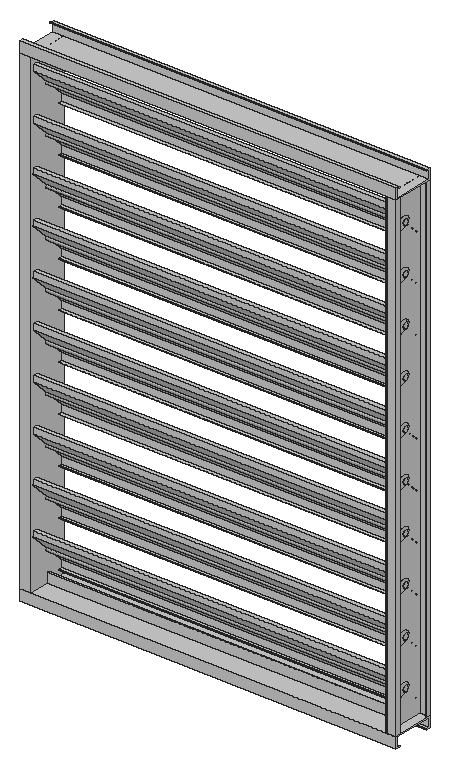
Revit family
Parameters (values of type "SOJ-445")
  Width Control = if(Width < Min Width, Min Width, if(Width > Max Width, Max Width, Width))  # 3' - 0"
  Width = 3' - 0"
  Warranty = "http://www.alllite-louvers.com/All-Lite_Warranty.pdf"
  Velocity @ .15 in. wg Pressure Loss = "811 fpm"  # constant formula
  URL = "http://www.alllite-louvers.com/"
  Specifications = "http://www.alllite-louvers.com/catalog/ASOJ-445-csi-specification.doc"
  Product URL = "http://www.alllite-louvers.com/catalog.php?model=SOJ-445"
  Pressure Loss @ Beginning Point of Water Penetration = "0.14 in. wg."  # constant formula
  Omni Class Title = "Exterior Louvers & Vents"  # constant formula
  Omni Class Code = "23-60 11 17"  # constant formula
  Mullion = "Visible"  # constant formula
  Maximum Size - Multiple Sections = "Unlimited"  # constant formula
  Linkage = "Concealed in frame"  # constant formula
  Free Area Velocity @ Beginning Point of Water Penetration = "775 fpm"  # constant formula
  Free Area = "[48'' x 48'' unit] : 7.5 ft² 46.9%"  # constant formula
  Design Load = "30 psf"  # constant formula
  Screen = "1/2'' x .063'' expanded and flattened aluminum"  # constant formula
  Model = "SOJ-445"  # constant formula
  Minimum Size = "12'' x 12''"  # constant formula
  Min Width = 1' - 0"  # constant formula
  Min Height = 1' - 0"  # constant formula
  Maximum Size - Single Section = "36'' x 120''"  # constant formula
  Max Width = 3' - 0"  # constant formula
  Max Height = 10' - 0"  # constant formula
  Manufacturer = "All-Lite"  # constant formula
  Louver Count = (Height Control - 0' 4") / 0' 4 5/8"  # 10
  Louver = Galvannealed Steel
  Height Control = if(Height < Min Height, Min Height, if(Height > Max Height, Max Height, Height))  # 4' - 0"
  Height = 4' - 0"
  Frame = "4'' deep x 20 ga thick channel"  # constant formula
  Default Height = 4' - 0"
  Cut Sheet = "http://www.alllite-louvers.com/catalog/ASOJ445.pdf"
  Blades = "45° x 20 ga thick J-style blade"  # constant formula
  Blade Width = Width Control - 0' 2"  # 2' - 10"
  Blade Height = Height Control - 0' 8 5/16" + 0' 0 235/256"  # 3' - 4 155/256"
  Bearings = "Stainless steel oilite, sleeve type"  # constant formula
  Axles = "1/2'' diameter plated steel hex"  # constant formula
  Assembly Code = "B2010300"
  Air Volume Delivered @ Beginning Point of Water Penetration = "5,813 cfm"  # constant formula
  95 CSI = "10200"  # constant formula
  04 CSI = "08 91 00"  # constant formula
Reference planes (in)
  plane 1: y = 0
  plane 2 "Center (Left/Right)": x = 0
  plane 3 "Wall Edge": y = 6
  plane 4: z = 48
  plane 5: x = 18
  plane 6: x = -18
  plane 7: z = 96
  plane 8 "blade": y = 4
  plane 9 "blade start": z = 49.25
  plane 10: z = 94.75
  plane 11: z = 52
  plane 12: z = 92
Forms (in)
  Sweep 1, solid, material "Galvannealed Steel" <- "Louver"
    path origin (0, 6, 96) x (1, 0, 0) y (0, 0, -1)
      loop
        line (18, 48) -> (-18, 48)
    profile "Frame Profile : 4"" origin (0, 6, 48) x (0, 0, -1) y (0, -1, 0)
      loop
        line (-1, 4) -> (-1, 0) -> (0, 0) -> (0, 0.375) -> (-0.08203, 0.375) -> (-0.08203, 0.08203) -> (-0.91797, 0.08203) -> (-0.91797, 3.91797) -> (-0.08203, 3.91797) -> (-0.08203, 3.625) -> (0, 3.625) -> (0, 4) -> (-1, 4)
  Sweep 2, solid, material "Galvannealed Steel" <- "Louver"
    path origin (0, 6, 0) x (1, 0, 0) y (0, 0, 1)
      loop
        line (-18, 96) -> (18, 96)
    profile "Frame Profile : 4"" origin (0, 6, 96) x (0, 0, 1) y (0, -1, 0)
      loop
        line (-1, 4) -> (-1, 0) -> (0, 0) -> (0, 0.375) -> (-0.08203, 0.375) -> (-0.08203, 0.08203) -> (-0.91797, 0.08203) -> (-0.91797, 3.91797) -> (-0.08203, 3.91797) -> (-0.08203, 3.625) -> (0, 3.625) -> (0, 4) -> (-1, 4)
  Sweep 3, solid, material "Galvannealed Steel" <- "Louver"
    path origin (0, 6, 0) x (1, 0, 0) y (0, 0, 1)
      loop
        line (18, 95) -> (18, 49)
    profile "Frame Profile : 4"" origin (18, 6, 72) x (1, 0, 0) y (0, -1, 0)
      loop
        line (-1, 4) -> (-1, 0) -> (0, 0) -> (0, 0.375) -> (-0.08203, 0.375) -> (-0.08203, 0.08203) -> (-0.91797, 0.08203) -> (-0.91797, 3.91797) -> (-0.08203, 3.91797) -> (-0.08203, 3.625) -> (0, 3.625) -> (0, 4) -> (-1, 4)
  Sweep 4, solid, material "Galvannealed Steel" <- "Louver"
    path origin (0, 6, 0) x (-1, 0, 0) y (0, 0, 1)
      loop
        line (18, 95) -> (18, 49)
    profile "Frame Profile : 4"" origin (-18, 6, 72) x (1, 0, 0) y (0, -1, 0)
      loop
        line (1, 4) -> (0, 4) -> (0, 3.625) -> (0.08203, 3.625) -> (0.08203, 3.91797) -> (0.91797, 3.91797) -> (0.91797, 0.08203) -> (0.08203, 0.08203) -> (0.08203, 0.375) -> (0, 0.375) -> (0, 0) -> (1, 0) -> (1, 4)
  Extrusion 5, solid, material "Galvannealed Steel" <- "Louver"
    sketch origin (0, -1.70313, 0) x (-1, 0, 0) y (0, -1, 0)
      loop
        line (17.33203, -4.71547) -> (17.33203, -4.21547) -> (17.20703, -4.21547) -> (17.20703, -4.71547) -> (17.33203, -4.71547)
    from 50 to 94
  Sweep 6, solid, material "Galvannealed Steel" <- "Louver"
    path origin (0, 6, 0) x (1, 0, 0) y (0, 0, 1)
      loop
        line (17, 49) -> (-17, 49)
    profile origin (0, 6, 49) x (0, 0, -1) y (0, -1, 0)
      loop
        line (0, 2) -> (-1, 2) -> (-1, 1.96094) -> (-0.03906, 1.96094) -> (-0.03906, 1.5) -> (0, 1.5) -> (0, 2)
  Sweep 7, solid, material "Galvannealed Steel" <- "Louver"
    path origin (0, 6, 118.72255) x (1, 0, 0) y (0, 0, -1)
      loop
        line (17, 23.72255) -> (-17, 23.72255)
    profile origin (0, 6, 95) x (0, 0, -1) y (0, -1, 0)
      loop
        line (0, 2) -> (0, 1.5) -> (0.03906, 1.5) -> (0.03906, 1.96094) -> (1, 1.96094) -> (1, 2) -> (0, 2)
  Extrusion 8, solid, material "Galvannealed Steel" <- "Louver"
    sketch origin (0, -1.70313, 0) x (1, 0, 0) y (0, 1, 0)
      loop
        line (17.33203, 4.71547) -> (17.20703, 4.71547) -> (17.20703, 4.21547) -> (17.33203, 4.21547) -> (17.33203, 4.71547)
    from 50 to 94
Lines and regions (in)
  Opening 1
    outline origin (-60, -6, 0) x (1, 0, 0) y (0, 0, 1)
      loop
        line (78, 96) -> (42, 96) -> (42, 48) -> (78, 48) -> (78, 96)
Text (in)
  text "Placement Side" at (0, 40.15149, 123.01588), in view "Right"
  text "Placement Side" at (-70.3804, 28.46503, 0), in view "Ref. Level"
  text "Placement Side" at (0, 81.62555, 140.59947), in view "Left"
Dimensions and locks (in)
  locked: plane 3 "Wall Edge" to host wall
  "Default Height": level to plane 4
  "Height Control": plane 4 to plane 7
  equal spacing: plane 6, plane 2 "Center (Left/Right)", plane 5
  "Width Control": plane 6 to plane 5
  locked: plane 4 to plane 9 "blade start" at 1.25
  locked: plane 10 to plane 7 at 1.25
  plane 7 to plane 4 = 4' - 0"
  locked: plane 4 to plane 11 at 4
  locked: plane 12 to plane 7 at 4
  equal spacing: group 1, group 3, group 4, group 5, group 6, group 7, group 8, group 9, group 10, group 2  (x3)
  aligned and locked: plane 7 to Opening 1 sketch curve
  aligned and locked: Opening 1 sketch curve to plane 5
  aligned and locked: Opening 1 sketch curve to plane 4
  aligned and locked: plane 6 to Opening 1 sketch curve
  aligned and locked: Sweep 1 sketch curve to plane 4
  aligned and locked: plane 5 to Sweep 1 sketch curve
  aligned and locked: plane 6 to Sweep 1 sketch curve
  aligned and locked: plane 7 to Sweep 2 sketch curve
  aligned and locked: plane 5 to Sweep 2 sketch curve
  aligned and locked: plane 6 to Sweep 2 sketch curve
  aligned and locked: Sweep 3 sketch curve to plane 5
  aligned and locked: nested 1 to plane 11
  aligned and locked: nested 2 to plane 12
  aligned and locked: plane 2 "Center (Left/Right)" to nested 2
  aligned and locked: plane 2 "Center (Left/Right)" to nested 1
  aligned and locked: Sweep 6 sketch curve to Sweep 3
  aligned and locked: Sweep 4 to Sweep 6 sketch curve
  aligned and locked: Sweep 6 sketch curve to Sweep 1
  aligned and locked: Sweep 2 to Sweep 7 sketch curve
  aligned and locked: Sweep 3 to Sweep 7 sketch curve
  aligned and locked: Sweep 7 sketch curve to Sweep 4
  aligned and locked: Sweep 7 to Extrusion 5
  aligned and locked: Extrusion 5 to Sweep 6
  aligned and locked: Extrusion 8 to Extrusion 5
Automatic sketch dimensions
  Sweep 3 sketch curve to plane 9 "blade start" = 0' - 0 1/4"
  plane 10 to Sweep 3 sketch curve = 0' - 0 1/4"
  plane 6 to Sweep 4 sketch curve = 0' - 0"
  plane 9 "blade start" to Sweep 4 sketch curve = 0' - 0 1/4"
  Sweep 4 sketch curve to plane 10 = 0' - 0 1/4"
  plane 6 to Extrusion 5 sketch curve = 0' - 0 203/256"
  Extrusion 5 sketch curve to Extrusion 5 sketch curve = 0' - 0 1/8"
  plane 8 "blade" to Extrusion 5 sketch curve = 0' - 1.48765"
  Extrusion 5 sketch curve to Extrusion 5 sketch curve = 0' - 0 1/2"
  Sweep 6 sketch curve to profile plane = 0' - 0"
  Sweep 6 sketch curve to Sweep 6 sketch curve = 0' - 0 5/128"  (x2)
  Sweep 6 sketch curve to Sweep 6 sketch curve = 0' - 0 123/128"
  plane 3 "Wall Edge" to Sweep 6 sketch curve = 0' - 1 1/2"
  Sweep 6 sketch curve to Sweep 6 sketch curve = 0' - 0 59/128"
  Sweep 7 sketch curve to profile plane = 0' - 0"
  Sweep 7 sketch curve to profile plane = 0' - 0 5/128"
  Sweep 7 sketch curve to Sweep 7 sketch curve = 0' - 0 123/128"
  plane 3 "Wall Edge" to Sweep 7 sketch curve = 0' - 1 1/2"
  Sweep 7 sketch curve to Sweep 7 sketch curve = 0' - 0 59/128"
  Sweep 7 sketch curve to Sweep 7 sketch curve = 0' - 0 5/128"
  plane 5 to Extrusion 8 sketch curve = 0' - 0 203/256"
  Extrusion 8 sketch curve to Extrusion 8 sketch curve = 0' - 0 1/8"
  Extrusion 8 sketch curve to plane 8 "blade" = 0' - 1.48765"
  Extrusion 8 sketch curve to Extrusion 8 sketch curve = 0' - 0 1/2"
Nested families (in)
  nested 1: "445j" at (0, 4, 52) x (-1, 0, 0) z (0, 0, 1), type "445j"
    with W 2' - 10"
  nested 2: "445j" at (0, 4, 92) x (-1, 0, 0) z (0, 0, 1), type "445j"
    with W 2' - 10"
  nested 3: "445j" at (0, 4, 56.44444) x (-1, 0, 0) z (0, 0, 1), type "445j"
    with W 2' - 10"
  nested 4: "445j" at (0, 4, 60.88889) x (-1, 0, 0) z (0, 0, 1), type "445j"
    with W 2' - 10"
  nested 5: "445j" at (0, 4, 65.33333) x (-1, 0, 0) z (0, 0, 1), type "445j"
    with W 2' - 10"
  nested 6: "445j" at (0, 4, 69.77778) x (-1, 0, 0) z (0, 0, 1), type "445j"
    with W 2' - 10"
  nested 7: "445j" at (0, 4, 74.22222) x (-1, 0, 0) z (0, 0, 1), type "445j"
    with W 2' - 10"
  nested 8: "445j" at (0, 4, 78.66667) x (-1, 0, 0) z (0, 0, 1), type "445j"
    with W 2' - 10"
  nested 9: "445j" at (0, 4, 83.11111) x (-1, 0, 0) z (0, 0, 1), type "445j"
    with W 2' - 10"
  nested 10: "445j" at (0, 4, 87.55556) x (-1, 0, 0) z (0, 0, 1), type "445j"
    with W 2' - 10"
Definition of nested family "445j"
  Parameters (values of type "445j")
    W = 1' - 10"
    Louver = Galvannealed Steel
    Assembly Code = ""
  Reference planes (in)
    plane 1 "Center (Front/Back)": y = 0
    plane 2: z = 0
    plane 3 "Center (Left/Right)": x = 0
    plane 4: x = -11
    plane 5: x = 11
    plane 6: z = 1.62015
    plane 7: x = 11.08203
    plane 8: x = 11.20703
    plane 9: x = -11.08203
    plane 10: x = -11.20703
    plane 11: x = 11.33203
    plane 12: x = -11.33203
    plane 13: x = -11.45703
    plane 14: x = -11.51953
    plane 15: x = 11.45703
    plane 16: x = 11.51953
    plane 17: z = 0
  Forms (in)
    Sweep 1, solid, material "Galvannealed Steel" <- "Louver"
      path origin (0, -0.81123, -2.41891) x (1, 0, 0) y (0, 1, 0)
        loop
          line (-11, -0.89675) -> (11, -0.89675)
      profile origin (0, -1.70798, -2.41891) x (0, 1, 0) y (0, 0, 1)
        loop
          line (3.40451, 0) -> (3.40451, 0.75) -> (1.88236, 2.27215)
          arc (1.88236, 2.27215) -> (1.86914, 2.58008) -> (1.56121, 2.5933) r 0.22792
          line (1.56121, 2.5933) -> (0.03906, 4.11545) -> (0.03906, 4.63228) -> (0.375, 4.63228) -> (0.375, 4.67134) -> (0, 4.67134) -> (0, 4.09927) -> (1.53359, 2.56568)
          arc (1.53359, 2.56568) -> (1.54681, 2.25775) -> (1.85474, 2.24453) r 0.22792
          line (1.85474, 2.24453) -> (3.36545, 0.73382) -> (3.36545, 0.03906) -> (3.02951, 0.03906) -> (3.02951, 0) -> (3.40451, 0)
        loop
          circle (1.70798, 2.41891) r 0.18886
    Extrusion 2, solid, material "Galvannealed Steel" <- "Louver"
      sketch origin (0, -1.70798, -0.90888) x (0, 0, -1) y (0, 1, 0)
        loop
          line (-1.37823, 1.63348) -> (-1.1907, 0.44949)
          arc (-1.1907, 0.44949) -> (-1.08358, 0.28134) -> (-0.88754, 0.24501) r 0.25
          line (-0.88754, 0.24501) -> (-0.31163, 0.37797)
          arc (-0.31163, 0.37797) -> (-0.15028, 0.49845) -> (-0.13011, 0.69881) r 0.25
          line (-0.13011, 0.69881) -> (-0.50214, 1.84381)
          arc (-0.50214, 1.84381) -> (-1.0374, 2.14357) -> (-1.37823, 1.63348) r 0.45188
        loop
          circle (-0.36787, 0.62156) r 0.125
        loop
          circle (-0.95975, 0.461) r 0.125
        loop
          circle (-0.90888, 1.70798) r 0.18886
      from 11.08203 to 11.20703
    Extrusion 3, solid, material "Galvannealed Steel" <- "Louver"
      sketch origin (0, -1.70798, -0.90888) x (0, 0, -1) y (0, -1, 0)
        loop
          arc (-1.37823, -1.63348) -> (-1.0374, -2.14357) -> (-0.50214, -1.84381) r 0.45188
          line (-0.50214, -1.84381) -> (-0.13011, -0.69881)
          arc (-0.13011, -0.69881) -> (-0.15028, -0.49845) -> (-0.31163, -0.37797) r 0.25
          line (-0.31163, -0.37797) -> (-0.88754, -0.24501)
          arc (-0.88754, -0.24501) -> (-1.08358, -0.28134) -> (-1.1907, -0.44949) r 0.25
          line (-1.1907, -0.44949) -> (-1.37823, -1.63348)
        loop
          circle (-0.36787, -0.62156) r 0.125
        loop
          circle (-0.95975, -0.461) r 0.125
        loop
          circle (-0.90888, -1.70798) r 0.18886
      from 11.08203 to 11.20703
    Extrusion 4, solid, material "Galvannealed Steel" <- "Louver"
      sketch origin (11.20703, -1.70016, -0.91669) x (0, 0, -1) y (0, 1, 0)
        loop
          line (-0.91396, 1.98113) -> (-1.15609, 1.84133) -> (-1.15609, 1.56174) -> (-0.91396, 1.42194) -> (-0.67182, 1.56174) -> (-0.67182, 1.84133) -> (-0.91396, 1.98113)
      from 0 to 0.125
    Extrusion 5, solid, material "Galvannealed Steel" <- "Louver"
      sketch origin (-18.20703, -1.70016, -0.91669) x (0, 0, -1) y (0, -1, 0)
        loop
          line (-0.91396, -1.98113) -> (-0.67182, -1.84133) -> (-0.67182, -1.56174) -> (-0.91396, -1.42194) -> (-1.15609, -1.56174) -> (-1.15609, -1.84133) -> (-0.91396, -1.98113)
      from -7 to -6.875
    Extrusion 6, solid, material "Galvannealed Steel" <- "Louver"
      sketch origin (-11.20703, -1.70798, -0.90888) x (0, 0, -1) y (0, -1, 0)
        loop
          circle (-0.95975, -0.461) r 0.16473
      from 0.125 to 0.25
    Extrusion 7, solid, material "Galvannealed Steel" <- "Louver"
      sketch origin (18.20703, -1.70798, -0.90888) x (0, 0, -1) y (0, 1, 0)
        loop
          circle (-0.95975, 0.461) r 0.16473
      from -6.875 to -6.75
  Dimensions and locks (in)
    plane 5 to plane 4 = 1' - 10"
    plane 4 to plane 9 to plane 10 to plane 12 to plane 13 to plane 14 = 0' - 0 21/256" locked, 0' - 0 1/8" locked, 0' - 0 1/8" locked, 0' - 0 1/8" locked, 0' - 0 1/16" locked
    plane 16 to plane 15 to plane 11 to plane 8 to plane 7 to plane 5 = 0' - 0 1/16" locked, 0' - 0 1/8" locked, 0' - 0 1/8" locked, 0' - 0 1/8" locked, 0' - 0 21/256" locked
    equal spacing: plane 4, plane 3 "Center (Left/Right)", plane 5
    "W": plane 4 to plane 5
    aligned and locked: plane 2 to level
    aligned and locked: plane 8 to Extrusion 2
    aligned and locked: Extrusion 2 to plane 7
    aligned and locked: plane 10 to Extrusion 3
    aligned and locked: Extrusion 3 to plane 9
    aligned and locked: plane 11 to Extrusion 4
    aligned and locked: Extrusion 4 to plane 8
    aligned and locked: plane 12 to Extrusion 5
    aligned and locked: Extrusion 5 to plane 10
    aligned and locked: Extrusion 6 to plane 13
    aligned and locked: Extrusion 6 to Extrusion 5
    aligned and locked: Extrusion 7 to plane 15
    aligned and locked: Extrusion 7 to Extrusion 4
  Automatic sketch dimensions
    Sweep 1 sketch curve to plane 4 = 0' - 0"
    Sweep 1 sketch curve to plane 5 = 0' - 0"
    plane 1 "Center (Front/Back)" to Sweep 1 sketch curve = 0' - 1.70798"
    Sweep 1 sketch curve to Sweep 1 sketch curve = 0' - 0"  (x6)
    Sweep 1 sketch curve to profile plane = 0' - 0"  (x2)
    Sweep 1 sketch curve to profile plane = 0' - 0 5/128"
    Sweep 1 sketch curve to Sweep 1 sketch curve = 0' - 0 43/128"  (x2)
    Sweep 1 sketch curve to profile plane = 0' - 1.53359"
    Sweep 1 sketch curve to Sweep 1 sketch curve = 0' - 0.02762"  (x3)
    Sweep 1 sketch curve to Sweep 1 sketch curve = 0' - 0.14676"  (x3)
    profile plane to Sweep 1 sketch curve = 0' - 0 5/128"
    Sweep 1 sketch curve to Sweep 1 sketch curve = 0' - 1.17477"
    Sweep 1 sketch curve to Sweep 1 sketch curve = 0' - 0 5/128"  (x2)
    Sweep 1 sketch curve to Sweep 1 sketch curve = 0' - 0.69476"
    Sweep 1 sketch curve to Sweep 1 sketch curve = 0' - 0.01618"  (x2)
    plane 6 to Sweep 1 sketch curve = 0' - 1.79453"
    Sweep 1 sketch curve to plane 6 = 0' - 0.0602"
    Sweep 1 sketch curve to Sweep 1 sketch curve = 0' - 0.51683"
    Extrusion 2 sketch curve to Extrusion 2 sketch curve = 0' - 0"  (x2)
    Extrusion 2 sketch curve to level = 0' - 0"
    Extrusion 2 sketch curve to plane 1 "Center (Front/Back)" = 0' - 0"
    plane 1 "Center (Front/Back)" to Extrusion 2 sketch curve = 0' - 0.0038"
    level to Extrusion 2 sketch curve = 0' - 0.02303"
    level to Extrusion 2 sketch curve = 0' - 0.0349"
    Extrusion 2 sketch curve to Extrusion 2 sketch curve = 0' - 0.01597"
    Extrusion 2 sketch curve to Extrusion 2 sketch curve = 0' - 0.23095"
    plane 1 "Center (Front/Back)" to Extrusion 2 sketch curve = 0' - 0.07449"
    Extrusion 2 sketch curve to Extrusion 2 sketch curve = 0' - 0.44632"
    Extrusion 2 sketch curve to level = 0' - 0.02134"
    Extrusion 2 sketch curve to plane 1 "Center (Front/Back)" = 0' - 0.13584"
    Extrusion 2 sketch curve to level = 0' - 0.54101"
    Extrusion 2 sketch curve to Extrusion 2 sketch curve = 0' - 0.05624"
    Extrusion 2 sketch curve to Extrusion 2 sketch curve = 0' - 0.23776"
    plane 1 "Center (Front/Back)" to Extrusion 2 sketch curve = 0' - 1.00916"
    Extrusion 2 sketch curve to Extrusion 2 sketch curve = 0' - 0.07725"
    Extrusion 2 sketch curve to Extrusion 2 sketch curve = 0' - 0.13296"
    Extrusion 2 sketch curve to Extrusion 2 sketch curve = 0' - 0.0276"
    Extrusion 2 sketch curve to Extrusion 2 sketch curve = 0' - 0.0115"
    Extrusion 3 sketch curve to Extrusion 3 sketch curve = 0' - 0"  (x2)
    Extrusion 3 sketch curve to level = 0' - 0"
    Extrusion 3 sketch curve to plane 1 "Center (Front/Back)" = 0' - 0"
    plane 1 "Center (Front/Back)" to Extrusion 3 sketch curve = 0' - 0.0038"
    level to Extrusion 3 sketch curve = 0' - 0.02303"
    level to Extrusion 3 sketch curve = 0' - 0.0349"
    Extrusion 3 sketch curve to Extrusion 3 sketch curve = 0' - 0.01597"
    Extrusion 3 sketch curve to Extrusion 3 sketch curve = 0' - 0.23095"
    plane 1 "Center (Front/Back)" to Extrusion 3 sketch curve = 0' - 0.07449"
    Extrusion 3 sketch curve to Extrusion 3 sketch curve = 0' - 0.44632"
    Extrusion 3 sketch curve to level = 0' - 0.02134"
    Extrusion 3 sketch curve to plane 1 "Center (Front/Back)" = 0' - 0.13584"
    Extrusion 3 sketch curve to level = 0' - 0.54101"
    Extrusion 3 sketch curve to Extrusion 3 sketch curve = 0' - 0.05624"
    Extrusion 3 sketch curve to Extrusion 3 sketch curve = 0' - 0.23776"
    plane 1 "Center (Front/Back)" to Extrusion 3 sketch curve = 0' - 1.00916"
    Extrusion 3 sketch curve to Extrusion 3 sketch curve = 0' - 0.07725"
    Extrusion 3 sketch curve to Extrusion 3 sketch curve = 0' - 0.13296"
    Extrusion 3 sketch curve to Extrusion 3 sketch curve = 0' - 0.0276"
    Extrusion 3 sketch curve to Extrusion 3 sketch curve = 0' - 0.0115"
    Extrusion 4 sketch curve to Extrusion 2 = 0' - 0.26085"
    Extrusion 4 sketch curve to Extrusion 2 = 0' - 0.61287"
    Extrusion 4 sketch curve to Extrusion 4 sketch curve = 0' - 0.24214"  (x3)
    Extrusion 4 sketch curve to Extrusion 4 sketch curve = 0' - 0"
    Extrusion 4 sketch curve to Extrusion 4 sketch curve = 0' - 0.27959"  (x2)
    Extrusion 4 sketch curve to Extrusion 4 sketch curve = 0' - 0.1398"  (x2)
    level to Extrusion 5 sketch curve = 0' - 0.2394"
    Extrusion 5 sketch curve to level = 0' - 0.00273"  (x2)
    Extrusion 5 sketch curve to level = 0' - 0.24487"
    Extrusion 5 sketch curve to plane 1 "Center (Front/Back)" = 0' - 0.28097"
    Extrusion 5 sketch curve to plane 1 "Center (Front/Back)" = 0' - 0.14117"  (x2)
    plane 1 "Center (Front/Back)" to Extrusion 5 sketch curve = 0' - 0.13842"  (x2)
    plane 1 "Center (Front/Back)" to Extrusion 5 sketch curve = 0' - 0.27822"
    level to Extrusion 7 sketch curve = 0' - 0.05087"
    plane 1 "Center (Front/Back)" to Extrusion 7 sketch curve = 0' - 1.24698"
    radius of Sweep 1 sketch curve = 0' - 0.18886"
    radius of Extrusion 2 sketch curve = 0' - 0 1/8"  (x2)
    radius of Extrusion 2 sketch curve = 0' - 0.18886"
    radius of Extrusion 3 sketch curve = 0' - 0 1/8"  (x2)
    radius of Extrusion 3 sketch curve = 0' - 0.18886"
    radius of Extrusion 3 to Extrusion 6 sketch curve = 0' - 0.03973"
    radius of Extrusion 7 sketch curve = 0' - 0.16473"
